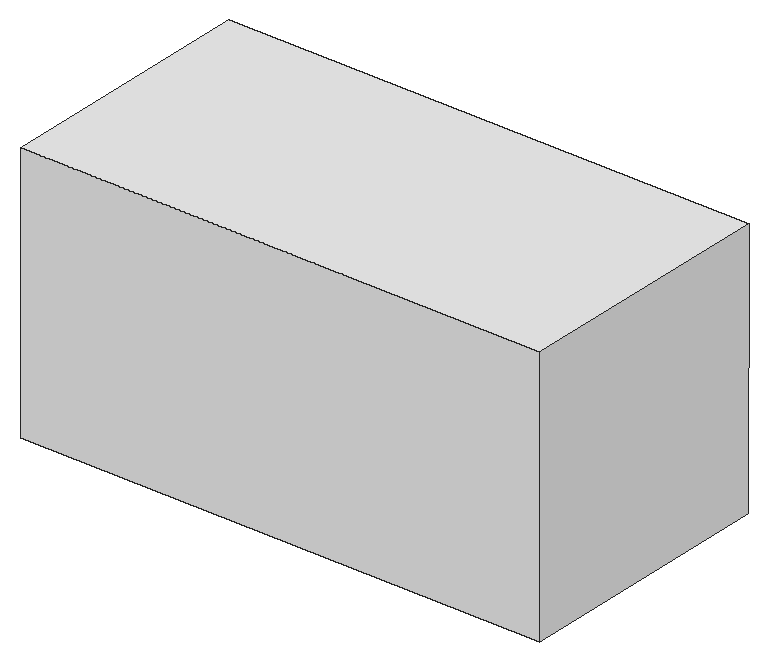
Revit family "Platek_Mini Special_Downlight", category Apparecchi per illuminazione, Revit 2017
Family settings
  Quota connettore circolare = Usa diametro
  Tipo di parte = Normale
  Basato su piano di lavoro = No
  Sempre verticale = Sì
  Taglio con vuoti quando caricato = No
  Sorgente d'illuminazione = Sì
  Condiviso = No
  Punto di calcolo locali = No
Parameters (values of type "1021610_10W_LED_3000K_Downlight")
  Wattage = 3.70266 W
  Variazione temperatura colore lampada con luminosità attenuata = <Nessuno>
  URL = "www.platek.eu"
  built-in parameter 1150107 = 3000 (stored number, unit not read)
  Supply Voltage Min = 220 V
  Supply Voltage Max = 240 V
  Supply Voltage = 230 V
  Rendi la forma visibile nel rendering = no
  Produttore = "PLATEK SRL"  # constant formula
  Product Page URL = "http://www.platek.eu/eng/catalogo.php?catseaname=mi+special"
  Product Documentation Link = "http://www.platek.eu/eng/catalogo.php?catseaname=mi+special"
  Product Dimension = "L200mm x W100mm x H100mm"
  Power Supply Unit = "Included"
  built-in parameter 1150110 = 1 (stored number, unit not read)
  built-in parameter 1150109 = 1 (stored number, unit not read)
  built-in parameter 1114218 = 1 (stored number, unit not read)
  built-in parameter 1150112 = 1 (stored number, unit not read)
  PLATEK FInishes = "Painted Aluminium, Avalaible in White/Bronze"
  PLATEK Article Code = "1021610"
  Nota chiave = "5mm flat tempered glass"
  Mounting Type = "Ceiling"
  Modello = "Mini Special Downlight"  # constant formula
  built-in parameter 1150137 = (empty or 0)
  built-in parameter 1150132 = 2
  Manufacturer Comment = "Transparent extra glass on request"
  Luminaire Wattage = 12 W
  Luminaire Luminous Intensity = 309 cd
  Luminaire Luminous Flux = 550 lm
  Light Source = PLK_Light Source
  Lampada = "LED"
  LED Protection = "Surge protection included"
  built-in parameter 1150105 = 43.768 (stored number, unit not read)
  built-in parameter 1150102 = (empty or 0)
  Insulation Class = "1"
  Immagine tipo = ph_1000_mini_special_plafoniera_sabbiato.jpg
  built-in parameter 1150106 = 0.43768 (stored number, unit not read)
  IP Rating = "IP65"
  IK Rating = "IK 05"
  Height = 100 mm
  Frequency = "50/60 Hz"
  Lumens = 550 lm
  Color Filter = 16777215
  File diagramma fotometrico = "1021610.IES"
  built-in parameter 1114217 = 1 (stored number, unit not read)
  built-in parameter 1150139 = (empty or 0)
  Energy Efficiency Rating = "A/A+/A++"
  Emetti da lunghezza rettangolo = 170 mm
  Emetti da larghezza rettangolo = 70 mm
  built-in parameter 1150104 = 13.8 (stored number, unit not read)
  built-in parameter 1150115 = 1 (stored number, unit not read)
  built-in parameter 1150114 = 1 (stored number, unit not read)
  built-in parameter 1150113 = 1 (stored number, unit not read)
  Dimmable = "No"
  Diffuse Type = "Diffuse Glass"
  Descrizione = "Balconies, Front Porch"
  Commenti sul tipo = "Ceiling"
  Colour Temperature = 3000 K
  built-in parameter 1150134 = (empty or 0)
  built-in parameter 1150138 = (empty or 0)
  Codice assieme = "1021610.01(Black); 1021610.02(White); 1021610.07(Corten); 1021610.09(Bronze)"
  Apparent Load = 0 VA
  Cable Lenght = "Cable input diameter 1-13mm"
  CRI = ">80"
  Body = PLK_06_Grey
  Angolo inclinazione = 90.00°
  Aluminium = PLK_Aluminium
  built-in parameter 1150133 = 10 (stored number, unit not read)
Reference planes
  plane 1 "Centro (Fronte/Retro)": y = 0
  plane 2: z = 0
  plane 3 "Centro (Sinistra/Destra)": x = 0
  plane 4: y = 50
  plane 5: y = -50
  plane 6: x = 100
  plane 7: x = -100
  plane 8: z = -100
  plane 9: y = 35
  plane 10: y = -35
  plane 11: x = 86
  plane 12: z = -90
  plane 13: z = -95
  plane 14: x = -86
  plane 15: z = -50
  plane 16: y = 33.5
  plane 17: y = -33.5
  plane 18: x = -84.5
  plane 19: x = 84.5
  plane 20: y = 11.5
  plane 21: y = -11.5
  plane 22: x = 12
  plane 23: x = -12
Forms (mm)
  Extrusion 1, solid, material "PLK_06_Grey" <- "Body", detail levels medium+fine
    sketch origin (0, 0, -483) x (-1, 0, 0) y (0, -1, 0)
      loop
        line (100, -50) -> (100, 50) -> (-100, 50) -> (-100, -50) -> (100, -50)
    from 483 to 383
  Blend 2, void
    base sketch origin (0, 0, -483) x (-1, 0, 0) y (0, -1, 0)
      loop
        line (12, -11.5) -> (12, 11.5) -> (-12, 11.5) -> (-12, -11.5) -> (12, -11.5)
    top sketch origin (0, 0, -483) x (-1, 0, 0) y (0, -1, 0)
      loop
        line (84.5, -33.5) -> (84.5, 33.5) -> (-84.5, 33.5) -> (-84.5, -33.5) -> (84.5, -33.5)
    from 433 to 388
  Extrusion 3, void
    sketch origin (0, 0, -483) x (-1, 0, 0) y (0, -1, 0)
      loop
        line (86, -35) -> (86, 35) -> (-86, 35) -> (-86, -35) -> (86, -35)
    from 388 to 383
  Extrusion 4, solid, material "PLK_Light Source" <- "Light Source", detail levels medium+fine
    sketch origin (0, 0, -483) x (-1, 0, 0) y (0, -1, 0)
      loop
        line (86, -35) -> (86, 35) -> (-86, 35) -> (-86, -35) -> (86, -35)
    from 388 to 383
  Extrusion 5, solid, material "PLK_06_Grey" <- "Body", detail levels coarse
    sketch origin (0, 0, -483) x (-1, 0, 0) y (0, -1, 0)
      loop
        line (100, -50) -> (100, 50) -> (-100, 50) -> (-100, -50) -> (100, -50)
    from 483 to 383
Cuts and joins
  Blend 2, Extrusion 3 cuts Extrusion 1
Dimensions and locks
  equal spacing: plane 7, plane 3 "Centro (Sinistra/Destra)", plane 6, locked at 100 each
  plane 7 to plane 6 = 200 mm
  equal spacing: plane 5, plane 1 "Centro (Fronte/Retro)", plane 4, locked at 50 each
  plane 5 to plane 4 = 100 mm
  locked: level to plane 8 at 100
  plane 3 "Centro (Sinistra/Destra)" to Extrusion 1 = 100 mm
  plane 7 to plane 14 to plane 18 to plane 23 to plane 22 to plane 19 to plane 11 to plane 6 = 14 mm locked, 1.5 mm locked, 72.5 mm locked, 24 mm locked, 72.5 mm locked, 1.5 mm locked, 14 mm locked
  plane 5 to plane 10 to plane 17 to plane 21 to plane 20 to plane 16 to plane 9 to plane 4 = 15 mm locked, 1.5 mm locked, 22 mm locked, 23 mm locked, 22 mm locked, 1.5 mm locked, 15 mm locked
  plane 2 to plane 15 to plane 13 to imposter light = 50 mm locked, 45 mm locked, 5 mm locked
  aligned and locked: level to plane 2
  aligned and locked: level to Extrusion 1
  aligned and locked: imposter light to plane 1 "Centro (Fronte/Retro)"
  aligned and locked: plane 3 "Centro (Sinistra/Destra)" to imposter light
  aligned and locked: imposter light to Extrusion 1
  aligned and locked: Blend 2 sketch curve to plane 20
  aligned and locked: plane 23 to Blend 2 sketch curve
  aligned and locked: plane 21 to Blend 2 sketch curve
  aligned and locked: Blend 2 sketch curve to plane 22
  aligned and locked: Blend 2 sketch curve to plane 16
  aligned and locked: plane 18 to Blend 2 sketch curve
  aligned and locked: plane 17 to Blend 2 sketch curve
  aligned and locked: Blend 2 sketch curve to plane 19
  aligned and locked: plane 15 to Blend 2
  aligned and locked: plane 13 to Blend 2
  aligned and locked: plane 9 to Extrusion 3 sketch curve
  aligned and locked: plane 14 to Extrusion 3 sketch curve
  aligned and locked: Extrusion 3 sketch curve to plane 10
  aligned and locked: Extrusion 3 sketch curve to plane 11
  aligned and locked: Extrusion 3 to plane 13
  aligned and locked: plane 8 to Extrusion 3
  aligned and locked: Extrusion 4 sketch curve to cut or joined group of Extrusion 1, Blend 2, Extrusion 3  (x4)
  aligned and locked: Extrusion 4 to plane 13
  aligned and locked: plane 8 to Extrusion 4
  aligned and locked: Extrusion 5 sketch curve to cut or joined group of Extrusion 1, Blend 2, Extrusion 3  (x4)
  aligned and locked: level to Extrusion 5
  aligned and locked: plane 8 to Extrusion 5
Automatic sketch dimensions
  plane 4 to Extrusion 1 sketch curve = 0 mm
  Extrusion 1 sketch curve to plane 6 = 0 mm
  plane 5 to Extrusion 1 sketch curve = 0 mm
  Extrusion 1 sketch curve to plane 7 = 0 mm
Connectors
  electrical at (0, 0, 0)
    settings: on cut or joined group of Extrusion 1, Blend 2, Extrusion 3, index 1, voltage 0 V, apparent load 0 VA, apparent load phase1 0 VA, apparent load phase2 0 VA, apparent load phase3 0 VA, power factor 1, load classification "Altro", number of poles 1, system type 31, power factor state 1, is connector primary yes, connector utility no, sub classification motor no, connector description ""
